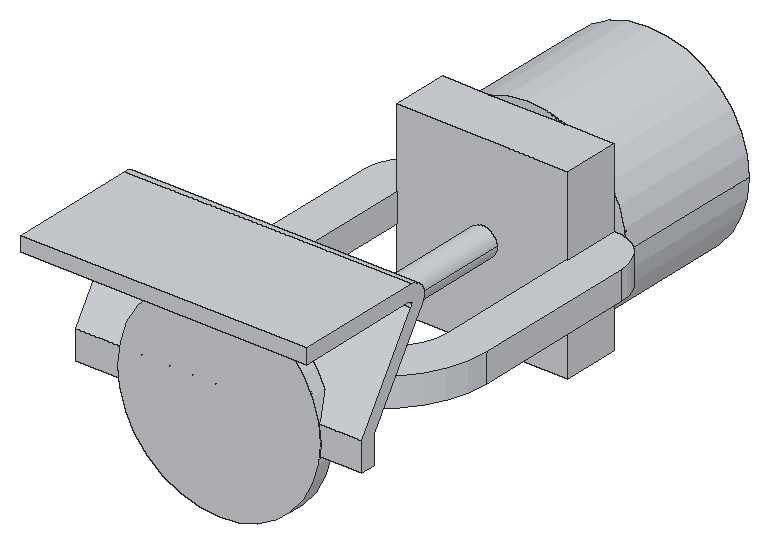
Revit family
Parameters (values of type "RASCO F1FR56 HSW")
  Temperature Rating = 200 °F
  Response = 1
  RASCO SIN # = "RA1435"
  RASCO Part # = "F1FR56H2C"
  Pressure Rating = "175 PSI"
  Pressure Class = (empty or 0)
  Orifice Size = 1/2"
  Orifice = (empty or 0)
  Model = "F1FR56"
  Manufacturer = "RASCO"
  K-Factor = 5.6
  Description = "Chrome Finish"
  Coverage = (empty or 0)
Reference planes (in)
  plane 1 "Center (Front/Back)": y = 0
  plane 2: z = 0
  plane 3 "Center (Left/Right)": x = 0
Dimensions and locks (in)
  aligned and locked: plane 2 to level
Nested families (in)
  nested 1: "F1FR56H2C" at (0, 0, 0), type "RASCO F1FR56 HSW"
Connectors (in)
  piping at (-0.01236, 1.34926, 1.25584)
    settings: on nested 1, index 1, connector radius 115/256", flow factor 0, pipe flow 0 GPM, pressure drop 0.00 psi, fitting loss kfactor 0, connector angle 0.00°, fixture units 0, flow configuration 0, flow direction 0, fitting loss method 0, system type 7, connector reference index -1, connector utility 0, adjustable connector no, is connector primary yes, fitting loss table "", connector description ""
Definition of nested family "F1FR56H2C"
  Parameters (values of type "RASCO F1FR56 HSW")
    Type Comments = ""
    Temperature Rating = 0 °F
    Response = (empty or 0)
    Pressure Rating = "0"
    Pressure Class = (empty or 0)
    Orifice Size = 0"
    Orifice = (empty or 0)
    Model = ""
    Manufacturer = ""
    K-Factor = 0
    Description = ""
    Coverage = (empty or 0)
    Assembly Code = ""
  Reference planes (in)
    plane 1 "Center (Front/Back)": y = 0
    plane 2: z = 0
    plane 3 "ref.2": z = 0.6875
    plane 4 "ref.3": z = 0.9375
    plane 5: x = -0.38065
    plane 6: x = 0.36935
    plane 7 "ref. side 1": y = 0.06402
    plane 8 "ref. side 2": y = -0.06098
    plane 9 "ref.4": z = 1.875
    plane 10 "ref.5": z = 2.3125
    plane 11 "ref.6": z = 2.4375
    plane 12 "center": x = -0.00574
  Forms (in)
    Extrusion 1, solid
      sketch origin (-0.01236, 1.37309, 1.25584) x (-1, 0, 0) y (0, 0, -1)
        loop
          circle (0, 0) r 0.4379
      from 0.02383 to 0.6875
    Extrusion 2, solid
      sketch origin (0.10949, 0.68559, 1.20407) x (-1, 0, 0) y (0, 0, -1)
        loop
          line (-0.2588, 0.356) -> (-0.2588, -0.4565) -> (0.4912, -0.4565) -> (0.4912, 0.356) -> (-0.2588, 0.356)
      from 0 to 0.25
    Extrusion 3, solid
      sketch origin (-0.01236, 1.3722, 1.25584) x (-1, 0, 0) y (0, -1, 0)
        loop
          line (-0.38065, 0.68754) -> (-0.38065, 1.58397)
          arc (-0.38065, 1.58397) -> (-0.29541, 1.78976) -> (-0.08962, 1.875) r 0.29103
          line (-0.08962, 1.875) -> (0.07524, 1.875)
          arc (0.07524, 1.875) -> (0.28321, 1.78886) -> (0.36935, 1.58089) r 0.29411
          line (0.36935, 1.58089) -> (0.36935, 0.68751)
          arc (0.36935, 0.68751) -> (0.50207, 0.74393) -> (0.55685, 0.87734) r 0.18984
          line (0.55685, 0.87734) -> (0.55685, 1.61676)
          arc (0.55685, 1.61676) -> (0.42629, 1.93194) -> (0.11111, 2.0625) r 0.44574
          line (0.11111, 2.0625) -> (-0.12259, 2.0625)
          arc (-0.12259, 2.0625) -> (-0.43765, 1.932) -> (-0.56815, 1.61694) r 0.44556
          line (-0.56815, 1.61694) -> (-0.56815, 0.87876)
          arc (-0.56815, 0.87876) -> (-0.51345, 0.74486) -> (-0.38065, 0.68754) r 0.19126
      from -0.06402 to 0.06098
    Extrusion 4, solid
      sketch origin (-0.01236, 0.43559, 1.25584) x (1, 0, 0) y (0, 0, 1)
        loop
          circle (0.00574, -0.00152) r 0.0625
      from 0 to 0.9375
    Extrusion 5, solid
      sketch origin (-0.01236, -0.50191, 1.25584) x (1, 0, 0) y (0, 0, 1)
        loop
          circle (0.00574, -0.00152) r 0.1875
      from 0 to 0.4375
    Extrusion 6, solid
      sketch origin (-0.01236, -0.89954, 1.2504) x (-1, 0, 0) y (0, 0, 1)
        loop
          circle (-0.00574, -0.00152) r 0.44275
      from -0.10531 to -0.03987
    Extrusion 7, solid
      sketch origin (-0.00662, 1.2679, 1.26334) x (0, -1, 0) y (0, 0, 1)
        loop
          line (2.27263, -0.06402) -> (2.27263, 0.06098) -> (2.00466, 0.4658)
          arc (2.00466, 0.4658) -> (2.00382, 0.48409) -> (2.01953, 0.49348) r 0.01783
          line (2.01953, 0.49348) -> (2.57559, 0.49348) -> (2.57559, 0.55848) -> (2.00257, 0.55848)
          arc (2.00257, 0.55848) -> (1.94355, 0.52319) -> (1.9467, 0.4545) r 0.067
          line (1.9467, 0.4545) -> (2.20719, 0.06098) -> (2.20719, -0.06402) -> (2.27263, -0.06402)
      from -0.62515 to 0.62904
  Cuts and joins
    joined: Extrusion 1, Extrusion 2, Extrusion 4
